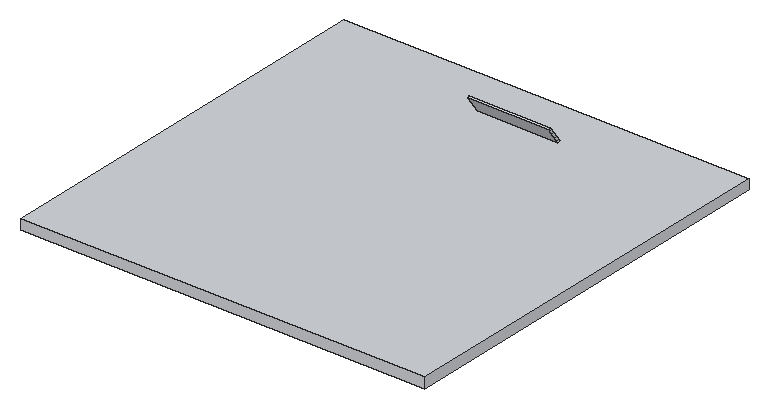
Revit family "7121000", category Aparatos sanitarios, Revit 2017
Family settings
  Anfitrión = Cara
  Cota de conector redondo = Diámetro de uso
  Tipo de pieza = Normal
  Número OmniClass = 23.45.55.14
  Título OmniClass = Single Faucets
  Corte con vacíos al cargar = No
  Compartido = No
  Punto de cálculo de habitación = No
Parameters (values of type "7121000")
  URL = "http://www.griferiasgalindo.com/bano-ducha/albos/grifo-bano-ducha-albos?c=es"
  Teléfono = "(+34) 915 782 575"
  TIPO DE AGUA = "Fria/Caliente"
  REFERENCIA = "7121000"
  Presión Máxima = "8 bar"
  PESO BRUTO = "2.20 Kg"
  Modelo = "GRIFO DE BAÑO DUCHA"
  Material = LATON CROMADO
  Imagen de tipo = <Ninguno>
  Fabricante = "PRESTO IBÉRICA"
  Default Elevation = 1219.2 mm
  ENTRADA = "Hembra 3/4\""
  Descripción = "Grupo baño-ducha con accesorios"
  Código de montaje = "C1030220"
  Contacto = "info@prestoiberica.com"
  Conexión AF = yes
  Conexión AC = yes
  Comentarios de tipo = "Cartucho sellado con discos cerámicos de Ø 35 mm. Entrada hembra de 3/4\" con excéntrica y embellecedor."
  CIERRE = "Manual"
  CAUDAL = "13.8 l/min"
  Accionamiento = "Mediante maneta"
Reference planes
  plane 1 "Centro (Frontal/Posterior)": y = 0
  plane 2: z = 0
  plane 3 "Centro (Izquierda/Derecha)": x = 0
Forms (mm)
  Extrusion 1, solid
    sketch origin (0, 0, 0) x (1, 0, 0) y (0, 1, 0)
      loop
        line (-100, 100) -> (-100, -100) -> (100, -100) -> (100, 100) -> (-100, 100)
    from 0 to -5
  Extrusion 2, solid
    sketch origin (75, 6.598, 56.9) x (0, 0.573576, -0.819152) y (-1, 0, 0)
      loop
        line (3.644, 39.986) -> (3.589, 0) -> (13.861, 0) -> (13.861, 39.986) -> (3.644, 39.986)
    from -1 to 0
Dimensions and locks
  Extrusion 1 sketch curve to plane 1 "Centro (Frontal/Posterior)" = 100 mm
  aligned and locked: plane 2 to Extrusion 1
  aligned and locked: level to Extrusion 1
Connectors
  piping at (-87, 0, -18.5), diameter 19.1
    settings: on import instance, index 1, connector inside diameter 609.6 mm, connector length 0 mm, flow factor 0, pipe flow 0.0 L/s, pressure drop 0.0 Pa, fitting loss kfactor 0, connector angle 0.00°, fixture units 0, engagement length 0 mm, angle of deflection 0.00°, flow configuration 0, flow direction 1, fitting loss method 0, system type 19, joint type 0, gender type 0, connector reference index -1, connector utility 0, adjustable connector no, is connector primary yes, connector description ""
  piping at (63, 0, -18.5), diameter 19.1
    settings: on import instance, index 2, connector inside diameter 609.6 mm, connector length 0 mm, flow factor 0, pipe flow 0.0 L/s, pressure drop 0.0 Pa, fitting loss kfactor 0, connector angle 0.00°, fixture units 0, engagement length 0 mm, angle of deflection 0.00°, flow configuration 0, flow direction 1, fitting loss method 0, system type 20, joint type 0, gender type 0, connector reference index -1, connector utility 0, adjustable connector no, is connector primary no, connector description ""
